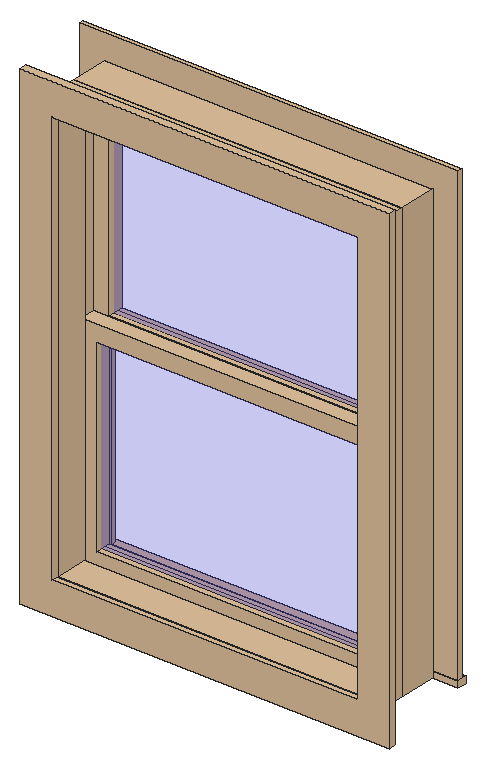
Revit family
Parameters (values of type "36" x 48"")
  Assembly Code = "B2020100"
  Glass Pane Material = Glass
  Height = 4' - 0"
  Sash Material = Sash
  Default Sill Height = 3' - 0"
  Trim Exterior Material = Trim
  Trim Interior Material = Trim
  Trim Projection - Ext. = 0' - 0 1/2"
  Trim Projection - Int. = 0' - 0 3/4"
  Trim Width - Exterior = 0' - 3 1/2"
  Trim Width - Interior = 0' - 3 1/2"
  Wall Closure = (empty or 0)
  Width = 3' - 0"
  Window Inset = 0' - 0 3/4"
Types (10): name | Height | Default Sill Height | Width
  (no name) | 4' - 0" | 3' - 0" | 3' - 0"
  36" x 48" | 4' - 0" | 3' - 0" | 3' - 0"
  24" x 48" | 4' - 0" | 3' - 0" | 2' - 0"
  24" x 24" | 2' - 0" | 3' - 0" | 2' - 0"
  16" x 24" | 2' - 0" | 3' - 0" | 1' - 4"
  16" x 48" | 4' - 0" | 3' - 0" | 1' - 4"
  16" x 72" | 6' - 0" | 1' - 0" | 1' - 4"
  24" x 72" | 6' - 0" | 1' - 0" | 2' - 0"
  36" x 24" | 2' - 0" | 3' - 0" | 3' - 0"
  36" x 72" | 6' - 0" | 1' - 0" | 3' - 0"
Reference planes (in)
  plane 1: y = 0
  plane 2: z = 0
  plane 3 "Center": x = 0
  plane 4 "Left": x = -18
  plane 5 "Right": x = 18
  plane 6 "Sill": z = 36
  plane 7 "Top": z = 84
  plane 8: y = 4
  plane 9: y = -4
  plane 10: y = 3.25
  plane 11: z = 60
  plane 12: x = -17.25
  plane 13: x = -20.75
  plane 14: x = -20.25
  plane 15: x = -16.75
  plane 16: x = 20.75
  plane 17: x = 16.75
  plane 18: x = 20.25
  plane 19: x = 17.25
  plane 20: z = 86.75
  plane 21: z = 86.25
  plane 22: z = 83.25
  plane 23: z = 33.75
  plane 24: z = 37.25
  plane 25: z = 82.75
  plane 26 "Closure": y = 0.375
Forms (in)
  Extrusion 1, solid, material "Sash" <- "Sash Material"
    sketch origin (0, 0, 0) x (1, 0, 0) y (0, 0, 1)
      loop
        line (-18, 84) -> (-18, 36) -> (18, 36) -> (18, 84) -> (-18, 84)
      loop
        line (-17.25, 83.25) -> (-17.25, 36.75) -> (17.25, 36.75) -> (17.25, 83.25) -> (-17.25, 83.25)
    from -4 to 0.25
  Extrusion 2, solid, material "Sash" <- "Sash Material"
    sketch origin (0, 0, 0) x (-1, 0, 0) y (0, 0, 1)
      loop
        line (-18, 84) -> (-18, 36) -> (18, 36) -> (18, 84) -> (-18, 84)
      loop
        line (-16.75, 82.75) -> (-16.75, 37.25) -> (16.75, 37.25) -> (16.75, 82.75) -> (-16.75, 82.75)
    from -0.25 to -4
  Extrusion 3, solid, material "Sash" <- "Sash Material"
    sketch origin (0, 0, 0) x (-1, 0, 0) y (0, 0, 1)
      loop
        line (-17.25, 83.25) -> (-17.25, 59.125) -> (17.25, 59.125) -> (17.25, 83.25) -> (-17.25, 83.25)
      loop
        line (-15.5, 81.5) -> (-15.5, 60.875) -> (15.5, 60.875) -> (15.5, 81.5) -> (-15.5, 81.5)
    from 1.5 to 3.25
  Extrusion 4, solid, material "Glass" <- "Glass Pane Material"
    sketch origin (-4.9201, 0, -4.60771) x (1, 0, 0) y (0, 0, 1)
      loop
        line (-10.5799, 86.10771) -> (-10.5799, 65.48271) -> (20.4201, 65.48271) -> (20.4201, 86.10771) -> (-10.5799, 86.10771)
    from -2.625 to -2.125
  Extrusion 5, solid, material "Trim" <- "Trim Interior Material"
    sketch origin (0, 0, 0) x (1, 0, 0) y (0, 0, 1)
      loop
        line (-16.75, 82.75) -> (-16.75, 37.25) -> (16.75, 37.25) -> (16.75, 82.75) -> (-16.75, 82.75)
      loop
        line (-20.25, 86.25) -> (-20.25, 33.75) -> (20.25, 33.75) -> (20.25, 86.25) -> (-20.25, 86.25)
    from 4 to 4.75
  Extrusion 6, solid, material "Trim" <- "Trim Exterior Material"
    sketch origin (0, 0, 0) x (-1, 0, 0) y (0, 0, 1)
      loop
        line (-17.25, 83.25) -> (17.25, 83.25) -> (17.25, 36.75) -> (20.75, 36.75) -> (20.75, 86.75) -> (-20.75, 86.75) -> (-20.75, 36.75) -> (-17.25, 36.75) -> (-17.25, 83.25)
    from 4 to 4.5
  Extrusion 7, solid, material "Trim" <- "Trim Exterior Material"
    sketch origin (0, 0, 0) x (-1, 0, 0) y (0, 0, 1)
      loop
        line (-20.75, 36.75) -> (-20.75, 36) -> (20.75, 36) -> (20.75, 36.75) -> (-20.75, 36.75)
    from 4 to 5
  Extrusion 8, solid, material "Sash" <- "Sash Material"
    sketch origin (0, 0, 0) x (-1, 0, 0) y (0, 0, 1)
      loop
        line (-17.25, 60.875) -> (-17.25, 36.75) -> (17.25, 36.75) -> (17.25, 60.875) -> (-17.25, 60.875)
      loop
        line (-15.5, 59.125) -> (-15.5, 38.5) -> (15.5, 38.5) -> (15.5, 59.125) -> (-15.5, 59.125)
    from -0.25 to 1.5
  Extrusion 9, solid, material "Glass" <- "Glass Pane Material"
    sketch origin (0, 0, 0) x (-1, 0, 0) y (0, 0, 1)
      loop
        line (-15.5, 38.5) -> (15.5, 38.5) -> (15.5, 59.125) -> (-15.5, 59.125) -> (-15.5, 38.5)
    from 0.375 to 0.875
Lines and regions (in)
  Opening 1
    outline origin (-60, -4, 0) x (1, 0, 0) y (0, 0, 1)
      loop
        line (42, 84) -> (42, 36) -> (78, 36) -> (78, 84) -> (42, 84)
  symbolic lines, style "WindowsFrameMullionProjection"
    curve 1: line (-18, 4, 0) -> (-17.25, 4, 0)
    curve 2: line (-17.25, -0.25, 0) -> (-17.25, 4, 0)
    curve 3: line (-17.25, -0.25, 0) -> (-16.75, -0.25, 0)
    curve 4: line (-16.75, -4, 0) -> (-16.75, -0.25, 0)
    curve 5: line (18, 4, 0) -> (17.25, 4, 0)
    curve 6: line (16.75, -0.25, 0) -> (16.75, -4, 0)
    curve 7: line (16.75, -0.25, 0) -> (17.25, -0.25, 0)
    curve 8: line (17.25, -0.25, 0) -> (17.25, 4, 0)
    curve 9: line (-17.25, 1.5, 0) -> (-15.5, 1.5, 0)
    curve 10: line (-17.25, -0.25, 0) -> (-15.5, -0.25, 0)
    curve 11: line (-15.5, 1.5, 0) -> (-15.5, -0.25, 0)
    curve 12: line (17.25, 1.5, 0) -> (15.5, 1.5, 0)
    curve 13: line (17.25, -0.25, 0) -> (15.5, -0.25, 0)
    curve 14: line (15.5, 1.5, 0) -> (15.5, -0.25, 0)
    curve 16: line (-16.75, -4, 0) -> (-18, -4, 0)
    curve 17: line (16.75, -4, 0) -> (18, -4, 0)
  symbolic lines, style "WindowsGlassProjection"
    curve 15: line (-15.5, 0.625, 0) -> (15.5, 0.625, 0)
Text (in)
  text "EXTERIOR" at (-56.58296, 39.90194, 0), in view "Floor Line"
  text "INTERIOR" at (-56.58296, -29.86145, 0), in view "Floor Line"
  text "Exterior" at (0, 59.91871, 123.60809), in view "Left"
  text "Exterior" at (0, 18.29385, 125.04747), in view "Right"
Dimensions and locks (in)
  equal spacing: plane 4 "Left", plane 3 "Center", plane 5 "Right"
  "Width": plane 4 "Left" to plane 5 "Right"
  "Window Inset": plane 8 to plane 10
  locked: plane 10 to Extrusion 3 at 1.75
  locked: plane 10 to Extrusion 4 at 0.625
  locked: Extrusion 4 to Extrusion 4 at 0.5
  "Trim Projection - Int.": Extrusion 5 to Extrusion 5
  "Trim Projection - Ext.": Extrusion 6 to Extrusion 6
  locked: Extrusion 7 sketch curve to Extrusion 1 at 0.75
  locked: Extrusion 7 to Extrusion 6 at 0.5
  equal spacing: plane 6 "Sill", plane 11, plane 7 "Top"
  Extrusion 3 sketch curve to plane 11 to Extrusion 3 sketch curve = 0' - 0 7/8" locked, 0' - 0 7/8" locked
  locked: Extrusion 8 to Extrusion 3 at 3.5
  locked: Extrusion 8 to Extrusion 8 at 1.75
  locked: Extrusion 9 to Extrusion 8 at 0.625
  locked: Extrusion 9 to Extrusion 9 at 0.5
  locked: plane 4 "Left" to plane 12 at 0.75
  locked: plane 19 to plane 5 "Right" at 0.75
  locked: plane 4 "Left" to plane 15 at 1.25
  locked: plane 17 to plane 5 "Right" at 1.25
  locked: plane 22 to plane 7 "Top" at 0.75
  "Trim Width - Exterior": plane 22 to plane 20
  "Trim Width - Exterior": plane 19 to plane 16
  "Trim Width - Exterior": plane 13 to plane 12
  locked: plane 24 to plane 6 "Sill" at 1.25
  "Trim Width - Interior": plane 24 to plane 23
  "Trim Width - Interior": plane 14 to plane 15
  "Trim Width - Interior": plane 17 to plane 18
  "Height": plane 7 "Top" to plane 6 "Sill"
  "Default Sill Height": plane 6 "Sill" to plane 2
  locked: plane 7 "Top" to plane 25 at 1.25
  "Trim Width - Interior": plane 21 to plane 25
  locked: plane 26 "Closure" to plane 10 at 2.875
  equal spacing: Extrusion 8, curve 15, Extrusion 8
  aligned and locked: plane 7 "Top" to Opening 1 sketch curve
  aligned and locked: plane 6 "Sill" to Opening 1 sketch curve  (x2)
  aligned and locked: plane 5 "Right" to Opening 1 sketch curve
  aligned and locked: plane 4 "Left" to Opening 1 sketch curve
  aligned and locked: plane 9 to host wall
  aligned and locked: host wall to Extrusion 2
  aligned and locked: plane 10 to Extrusion 3
  aligned and locked: plane 8 to host wall
  aligned and locked: host wall to Extrusion 1
  aligned and locked: Extrusion 4 sketch curve to Extrusion 3  (x4)
  aligned and locked: curve 5 to Extrusion 1  (x2)
  aligned and locked: Extrusion 2 to curve 6
  aligned and locked: Extrusion 2 to curve 4
  aligned and locked: Extrusion 3 to curve 14
  aligned and locked: Extrusion 1 to curve 10
  aligned and locked: Extrusion 1 to curve 7
  aligned and locked: Extrusion 5 sketch curve to Extrusion 2  (x4)
  aligned and locked: Extrusion 5 to host wall
  aligned and locked: Extrusion 6 sketch curve to Extrusion 1  (x4)
  aligned and locked: Extrusion 6 to host wall
  aligned and locked: Extrusion 7 sketch curve to Extrusion 6  (x2)
  aligned and locked: Extrusion 7 to host wall
  aligned and locked: Extrusion 1 to Extrusion 8 sketch curve
  aligned and locked: Extrusion 8 sketch curve to Extrusion 6  (x2)
  aligned and locked: Extrusion 8 sketch curve to Extrusion 3
  aligned and locked: Extrusion 2 to Extrusion 8
  aligned and locked: Extrusion 1 to Extrusion 2
  aligned and locked: Extrusion 9 sketch curve to Extrusion 8  (x2)
  aligned and locked: Extrusion 3 to Extrusion 9 sketch curve
  aligned and locked: curve 9 to Extrusion 9 sketch curve
  aligned and locked: curve 9 to Extrusion 8
  aligned and locked: curve 12 to Extrusion 8
Automatic sketch dimensions
  Extrusion 1 sketch curve to plane 4 "Left" = 0' - 0"
  Extrusion 1 sketch curve to plane 5 "Right" = 0' - 0"
  Extrusion 1 sketch curve to plane 4 "Left" = 0' - 0 3/4"
  plane 5 "Right" to Extrusion 1 sketch curve = 0' - 0 3/4"
  Extrusion 1 sketch curve to plane 6 "Sill" = 0' - 0"
  Extrusion 1 sketch curve to plane 7 "Top" = 0' - 0"
  Extrusion 1 sketch curve to plane 6 "Sill" = 0' - 0 3/4"
  plane 7 "Top" to Extrusion 1 sketch curve = 0' - 0 3/4"
  Extrusion 2 sketch curve to plane 5 "Right" = 0' - 0"
  Extrusion 2 sketch curve to plane 4 "Left" = 0' - 0"
  plane 5 "Right" to Extrusion 2 sketch curve = 0' - 1 1/4"
  Extrusion 2 sketch curve to plane 4 "Left" = 0' - 1 1/4"
  Extrusion 2 sketch curve to plane 6 "Sill" = 0' - 0"
  Extrusion 2 sketch curve to plane 7 "Top" = 0' - 0"
  Extrusion 2 sketch curve to plane 6 "Sill" = 0' - 1 1/4"
  plane 7 "Top" to Extrusion 2 sketch curve = 0' - 1 1/4"
  plane 5 "Right" to Extrusion 3 sketch curve = 0' - 0 3/4"
  Extrusion 3 sketch curve to Extrusion 3 sketch curve = 0' - 1 3/4"
  Extrusion 3 sketch curve to plane 4 "Left" = 0' - 2 1/2"
  Extrusion 3 sketch curve to plane 4 "Left" = 0' - 0 3/4"
  plane 7 "Top" to Extrusion 3 sketch curve = 0' - 2 1/2"
  plane 7 "Top" to Extrusion 3 sketch curve = 0' - 0 3/4"
  Extrusion 8 sketch curve to Extrusion 8 sketch curve = 0' - 1 3/4"  (x4)
  Extrusion 7 sketch curve to plane 13 = 0' - 0"
  Extrusion 5 sketch curve to plane 14 = 0' - 0"
  Extrusion 5 sketch curve to plane 18 = 0' - 0"
  Extrusion 5 sketch curve to plane 23 = 0' - 0"
  Extrusion 5 sketch curve to plane 21 = 0' - 0"
  Extrusion 6 sketch curve to plane 16 = 0' - 0"
  Extrusion 6 sketch curve to plane 13 = 0' - 0"
  Extrusion 6 sketch curve to plane 20 = 0' - 0"
  Extrusion 6 sketch curve to plane 6 "Sill" = 0' - 0 3/4"
  curve 16 to host wall = 0' - 0"
  curve 16 to plane 4 "Left" = 0' - 0"
  curve 1 to host wall = 0' - 0"
  curve 1 to plane 4 "Left" = 0' - 0"
  curve 2 to plane 12 = 0' - 0"
  curve 17 to host wall = 0' - 0"
  curve 17 to plane 5 "Right" = 0' - 0"
  curve 10 to plane 15 = 0' - 1 1/4"
  curve 12 to plane 19 = 0' - 0"
